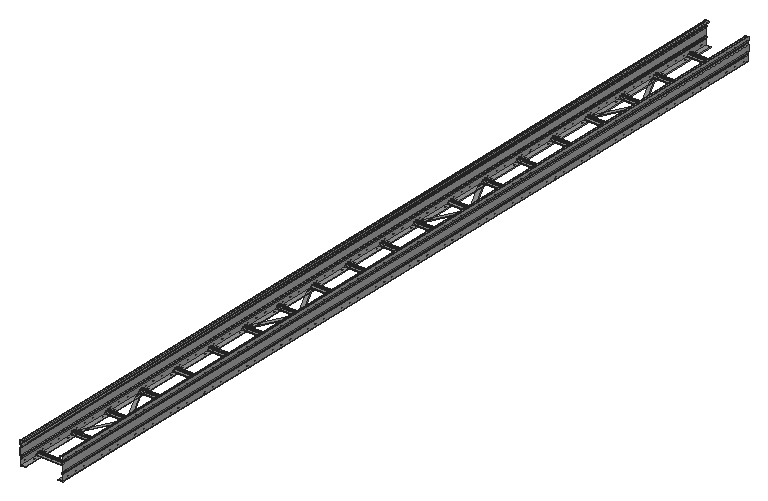
Revit family "W1630 FS, FT, FT SO, A4.28.08", category Generic Models, Revit 2017 (continued)
Forms (mm)
  Extrusion 74, void
    sketch origin (0, 2625, 0) x (0, 1, 0) y (0, 0, 1)
      loop
        arc (25.5, 144.5) -> (25.146, 144.354) -> (25, 144) r 0.5
        line (25, 144) -> (25, 136)
        arc (25, 136) -> (25.146, 135.646) -> (25.5, 135.5) r 0.5
        line (25.5, 135.5) -> (49.5, 135.5)
        arc (49.5, 135.5) -> (49.854, 135.646) -> (50, 136) r 0.5
        line (50, 136) -> (50, 144)
        arc (50, 144) -> (49.854, 144.354) -> (49.5, 144.5) r 0.5
        line (49.5, 144.5) -> (25.5, 144.5)
    from 148 to 150
  Extrusion 75, void
    sketch origin (0, 2700, 0) x (0, 1, 0) y (0, 0, 1)
      loop
        arc (25.5, 24.5) -> (25.146, 24.354) -> (25, 24) r 0.5
        line (25, 24) -> (25, 16)
        arc (25, 16) -> (25.146, 15.646) -> (25.5, 15.5) r 0.5
        line (25.5, 15.5) -> (49.5, 15.5)
        arc (49.5, 15.5) -> (49.854, 15.646) -> (50, 16) r 0.5
        line (50, 16) -> (50, 24)
        arc (50, 24) -> (49.854, 24.354) -> (49.5, 24.5) r 0.5
        line (49.5, 24.5) -> (25.5, 24.5)
    from 146.514 to 148.514
  Extrusion 76, void
    sketch origin (0, 2700, 0) x (0, 1, 0) y (0, 0, 1)
      loop
        arc (25.5, 144.5) -> (25.146, 144.354) -> (25, 144) r 0.5
        line (25, 144) -> (25, 136)
        arc (25, 136) -> (25.146, 135.646) -> (25.5, 135.5) r 0.5
        line (25.5, 135.5) -> (49.5, 135.5)
        arc (49.5, 135.5) -> (49.854, 135.646) -> (50, 136) r 0.5
        line (50, 136) -> (50, 144)
        arc (50, 144) -> (49.854, 144.354) -> (49.5, 144.5) r 0.5
        line (49.5, 144.5) -> (25.5, 144.5)
    from 148 to 150
  Extrusion 77, void
    sketch origin (0, 2775, 0) x (0, 1, 0) y (0, 0, 1)
      loop
        arc (25.5, 24.5) -> (25.146, 24.354) -> (25, 24) r 0.5
        line (25, 24) -> (25, 16)
        arc (25, 16) -> (25.146, 15.646) -> (25.5, 15.5) r 0.5
        line (25.5, 15.5) -> (49.5, 15.5)
        arc (49.5, 15.5) -> (49.854, 15.646) -> (50, 16) r 0.5
        line (50, 16) -> (50, 24)
        arc (50, 24) -> (49.854, 24.354) -> (49.5, 24.5) r 0.5
        line (49.5, 24.5) -> (25.5, 24.5)
    from 146.514 to 148.514
  Extrusion 78, void
    sketch origin (0, 2775, 0) x (0, 1, 0) y (0, 0, 1)
      loop
        arc (25.5, 144.5) -> (25.146, 144.354) -> (25, 144) r 0.5
        line (25, 144) -> (25, 136)
        arc (25, 136) -> (25.146, 135.646) -> (25.5, 135.5) r 0.5
        line (25.5, 135.5) -> (49.5, 135.5)
        arc (49.5, 135.5) -> (49.854, 135.646) -> (50, 136) r 0.5
        line (50, 136) -> (50, 144)
        arc (50, 144) -> (49.854, 144.354) -> (49.5, 144.5) r 0.5
        line (49.5, 144.5) -> (25.5, 144.5)
    from 148 to 150
  Extrusion 79, void
    sketch origin (0, 2850, 0) x (0, 1, 0) y (0, 0, 1)
      loop
        arc (25.5, 24.5) -> (25.146, 24.354) -> (25, 24) r 0.5
        line (25, 24) -> (25, 16)
        arc (25, 16) -> (25.146, 15.646) -> (25.5, 15.5) r 0.5
        line (25.5, 15.5) -> (49.5, 15.5)
        arc (49.5, 15.5) -> (49.854, 15.646) -> (50, 16) r 0.5
        line (50, 16) -> (50, 24)
        arc (50, 24) -> (49.854, 24.354) -> (49.5, 24.5) r 0.5
        line (49.5, 24.5) -> (25.5, 24.5)
    from 146.514 to 148.514
  Extrusion 80, void
    sketch origin (0, 2850, 0) x (0, 1, 0) y (0, 0, 1)
      loop
        arc (25.5, 144.5) -> (25.146, 144.354) -> (25, 144) r 0.5
        line (25, 144) -> (25, 136)
        arc (25, 136) -> (25.146, 135.646) -> (25.5, 135.5) r 0.5
        line (25.5, 135.5) -> (49.5, 135.5)
        arc (49.5, 135.5) -> (49.854, 135.646) -> (50, 136) r 0.5
        line (50, 136) -> (50, 144)
        arc (50, 144) -> (49.854, 144.354) -> (49.5, 144.5) r 0.5
        line (49.5, 144.5) -> (25.5, 144.5)
    from 148 to 150
  Extrusion 81, void
    sketch origin (0, 2925, 0) x (0, 1, 0) y (0, 0, 1)
      loop
        arc (25.5, 24.5) -> (25.146, 24.354) -> (25, 24) r 0.5
        line (25, 24) -> (25, 16)
        arc (25, 16) -> (25.146, 15.646) -> (25.5, 15.5) r 0.5
        line (25.5, 15.5) -> (49.5, 15.5)
        arc (49.5, 15.5) -> (49.854, 15.646) -> (50, 16) r 0.5
        line (50, 16) -> (50, 24)
        arc (50, 24) -> (49.854, 24.354) -> (49.5, 24.5) r 0.5
        line (49.5, 24.5) -> (25.5, 24.5)
    from 146.514 to 148.514
  Extrusion 82, void
    sketch origin (0, 2925, 0) x (0, 1, 0) y (0, 0, 1)
      loop
        arc (25.5, 144.5) -> (25.146, 144.354) -> (25, 144) r 0.5
        line (25, 144) -> (25, 136)
        arc (25, 136) -> (25.146, 135.646) -> (25.5, 135.5) r 0.5
        line (25.5, 135.5) -> (49.5, 135.5)
        arc (49.5, 135.5) -> (49.854, 135.646) -> (50, 136) r 0.5
        line (50, 136) -> (50, 144)
        arc (50, 144) -> (49.854, 144.354) -> (49.5, 144.5) r 0.5
        line (49.5, 144.5) -> (25.5, 144.5)
    from 148 to 150
  Extrusion 83, void
    sketch origin (0, 3000, 0) x (0, 1, 0) y (0, 0, 1)
      loop
        arc (25.5, 24.5) -> (25.146, 24.354) -> (25, 24) r 0.5
        line (25, 24) -> (25, 16)
        arc (25, 16) -> (25.146, 15.646) -> (25.5, 15.5) r 0.5
        line (25.5, 15.5) -> (49.5, 15.5)
        arc (49.5, 15.5) -> (49.854, 15.646) -> (50, 16) r 0.5
        line (50, 16) -> (50, 24)
        arc (50, 24) -> (49.854, 24.354) -> (49.5, 24.5) r 0.5
        line (49.5, 24.5) -> (25.5, 24.5)
    from 146.514 to 148.514
  Extrusion 84, void
    sketch origin (0, 3000, 0) x (0, 1, 0) y (0, 0, 1)
      loop
        arc (25.5, 144.5) -> (25.146, 144.354) -> (25, 144) r 0.5
        line (25, 144) -> (25, 136)
        arc (25, 136) -> (25.146, 135.646) -> (25.5, 135.5) r 0.5
        line (25.5, 135.5) -> (49.5, 135.5)
        arc (49.5, 135.5) -> (49.854, 135.646) -> (50, 136) r 0.5
        line (50, 136) -> (50, 144)
        arc (50, 144) -> (49.854, 144.354) -> (49.5, 144.5) r 0.5
        line (49.5, 144.5) -> (25.5, 144.5)
    from 148 to 150
  Extrusion 85, void
    sketch origin (0, 3075, 0) x (0, 1, 0) y (0, 0, 1)
      loop
        arc (25.5, 24.5) -> (25.146, 24.354) -> (25, 24) r 0.5
        line (25, 24) -> (25, 16)
        arc (25, 16) -> (25.146, 15.646) -> (25.5, 15.5) r 0.5
        line (25.5, 15.5) -> (49.5, 15.5)
        arc (49.5, 15.5) -> (49.854, 15.646) -> (50, 16) r 0.5
        line (50, 16) -> (50, 24)
        arc (50, 24) -> (49.854, 24.354) -> (49.5, 24.5) r 0.5
        line (49.5, 24.5) -> (25.5, 24.5)
    from 146.514 to 148.514
  Extrusion 86, void
    sketch origin (0, 3075, 0) x (0, 1, 0) y (0, 0, 1)
      loop
        arc (25.5, 144.5) -> (25.146, 144.354) -> (25, 144) r 0.5
        line (25, 144) -> (25, 136)
        arc (25, 136) -> (25.146, 135.646) -> (25.5, 135.5) r 0.5
        line (25.5, 135.5) -> (49.5, 135.5)
        arc (49.5, 135.5) -> (49.854, 135.646) -> (50, 136) r 0.5
        line (50, 136) -> (50, 144)
        arc (50, 144) -> (49.854, 144.354) -> (49.5, 144.5) r 0.5
        line (49.5, 144.5) -> (25.5, 144.5)
    from 148 to 150
  Extrusion 87, void
    sketch origin (0, 3150, 0) x (0, 1, 0) y (0, 0, 1)
      loop
        arc (25.5, 24.5) -> (25.146, 24.354) -> (25, 24) r 0.5
        line (25, 24) -> (25, 16)
        arc (25, 16) -> (25.146, 15.646) -> (25.5, 15.5) r 0.5
        line (25.5, 15.5) -> (49.5, 15.5)
        arc (49.5, 15.5) -> (49.854, 15.646) -> (50, 16) r 0.5
        line (50, 16) -> (50, 24)
        arc (50, 24) -> (49.854, 24.354) -> (49.5, 24.5) r 0.5
        line (49.5, 24.5) -> (25.5, 24.5)
    from 146.514 to 148.514
  Extrusion 88, void
    sketch origin (0, 3150, 0) x (0, 1, 0) y (0, 0, 1)
      loop
        arc (25.5, 144.5) -> (25.146, 144.354) -> (25, 144) r 0.5
        line (25, 144) -> (25, 136)
        arc (25, 136) -> (25.146, 135.646) -> (25.5, 135.5) r 0.5
        line (25.5, 135.5) -> (49.5, 135.5)
        arc (49.5, 135.5) -> (49.854, 135.646) -> (50, 136) r 0.5
        line (50, 136) -> (50, 144)
        arc (50, 144) -> (49.854, 144.354) -> (49.5, 144.5) r 0.5
        line (49.5, 144.5) -> (25.5, 144.5)
    from 148 to 150
  Extrusion 89, void
    sketch origin (0, 3225, 0) x (0, 1, 0) y (0, 0, 1)
      loop
        arc (25.5, 24.5) -> (25.146, 24.354) -> (25, 24) r 0.5
        line (25, 24) -> (25, 16)
        arc (25, 16) -> (25.146, 15.646) -> (25.5, 15.5) r 0.5
        line (25.5, 15.5) -> (49.5, 15.5)
        arc (49.5, 15.5) -> (49.854, 15.646) -> (50, 16) r 0.5
        line (50, 16) -> (50, 24)
        arc (50, 24) -> (49.854, 24.354) -> (49.5, 24.5) r 0.5
        line (49.5, 24.5) -> (25.5, 24.5)
    from 146.514 to 148.514
  Extrusion 90, void
    sketch origin (0, 3225, 0) x (0, 1, 0) y (0, 0, 1)
      loop
        arc (25.5, 144.5) -> (25.146, 144.354) -> (25, 144) r 0.5
        line (25, 144) -> (25, 136)
        arc (25, 136) -> (25.146, 135.646) -> (25.5, 135.5) r 0.5
        line (25.5, 135.5) -> (49.5, 135.5)
        arc (49.5, 135.5) -> (49.854, 135.646) -> (50, 136) r 0.5
        line (50, 136) -> (50, 144)
        arc (50, 144) -> (49.854, 144.354) -> (49.5, 144.5) r 0.5
        line (49.5, 144.5) -> (25.5, 144.5)
    from 148 to 150
  Extrusion 91, void
    sketch origin (0, 3300, 0) x (0, 1, 0) y (0, 0, 1)
      loop
        arc (25.5, 24.5) -> (25.146, 24.354) -> (25, 24) r 0.5
        line (25, 24) -> (25, 16)
        arc (25, 16) -> (25.146, 15.646) -> (25.5, 15.5) r 0.5
        line (25.5, 15.5) -> (49.5, 15.5)
        arc (49.5, 15.5) -> (49.854, 15.646) -> (50, 16) r 0.5
        line (50, 16) -> (50, 24)
        arc (50, 24) -> (49.854, 24.354) -> (49.5, 24.5) r 0.5
        line (49.5, 24.5) -> (25.5, 24.5)
    from 146.514 to 148.514
  Extrusion 92, void
    sketch origin (0, 3300, 0) x (0, 1, 0) y (0, 0, 1)
      loop
        arc (25.5, 144.5) -> (25.146, 144.354) -> (25, 144) r 0.5
        line (25, 144) -> (25, 136)
        arc (25, 136) -> (25.146, 135.646) -> (25.5, 135.5) r 0.5
        line (25.5, 135.5) -> (49.5, 135.5)
        arc (49.5, 135.5) -> (49.854, 135.646) -> (50, 136) r 0.5
        line (50, 136) -> (50, 144)
        arc (50, 144) -> (49.854, 144.354) -> (49.5, 144.5) r 0.5
        line (49.5, 144.5) -> (25.5, 144.5)
    from 148 to 150
  Extrusion 93, void
    sketch origin (0, 3375, 0) x (0, 1, 0) y (0, 0, 1)
      loop
        arc (25.5, 24.5) -> (25.146, 24.354) -> (25, 24) r 0.5
        line (25, 24) -> (25, 16)
        arc (25, 16) -> (25.146, 15.646) -> (25.5, 15.5) r 0.5
        line (25.5, 15.5) -> (49.5, 15.5)
        arc (49.5, 15.5) -> (49.854, 15.646) -> (50, 16) r 0.5
        line (50, 16) -> (50, 24)
        arc (50, 24) -> (49.854, 24.354) -> (49.5, 24.5) r 0.5
        line (49.5, 24.5) -> (25.5, 24.5)
    from 146.514 to 148.514
  Extrusion 94, void
    sketch origin (0, 3375, 0) x (0, 1, 0) y (0, 0, 1)
      loop
        arc (25.5, 144.5) -> (25.146, 144.354) -> (25, 144) r 0.5
        line (25, 144) -> (25, 136)
        arc (25, 136) -> (25.146, 135.646) -> (25.5, 135.5) r 0.5
        line (25.5, 135.5) -> (49.5, 135.5)
        arc (49.5, 135.5) -> (49.854, 135.646) -> (50, 136) r 0.5
        line (50, 136) -> (50, 144)
        arc (50, 144) -> (49.854, 144.354) -> (49.5, 144.5) r 0.5
        line (49.5, 144.5) -> (25.5, 144.5)
    from 148 to 150
  Extrusion 95, void
    sketch origin (0, 3450, 0) x (0, 1, 0) y (0, 0, 1)
      loop
        arc (25.5, 24.5) -> (25.146, 24.354) -> (25, 24) r 0.5
        line (25, 24) -> (25, 16)
        arc (25, 16) -> (25.146, 15.646) -> (25.5, 15.5) r 0.5
        line (25.5, 15.5) -> (49.5, 15.5)
        arc (49.5, 15.5) -> (49.854, 15.646) -> (50, 16) r 0.5
        line (50, 16) -> (50, 24)
        arc (50, 24) -> (49.854, 24.354) -> (49.5, 24.5) r 0.5
        line (49.5, 24.5) -> (25.5, 24.5)
    from 146.514 to 148.514
  Extrusion 96, void
    sketch origin (0, 3450, 0) x (0, 1, 0) y (0, 0, 1)
      loop
        arc (25.5, 144.5) -> (25.146, 144.354) -> (25, 144) r 0.5
        line (25, 144) -> (25, 136)
        arc (25, 136) -> (25.146, 135.646) -> (25.5, 135.5) r 0.5
        line (25.5, 135.5) -> (49.5, 135.5)
        arc (49.5, 135.5) -> (49.854, 135.646) -> (50, 136) r 0.5
        line (50, 136) -> (50, 144)
        arc (50, 144) -> (49.854, 144.354) -> (49.5, 144.5) r 0.5
        line (49.5, 144.5) -> (25.5, 144.5)
    from 148 to 150
  Extrusion 97, void
    sketch origin (0, 3525, 0) x (0, 1, 0) y (0, 0, 1)
      loop
        arc (25.5, 24.5) -> (25.146, 24.354) -> (25, 24) r 0.5
        line (25, 24) -> (25, 16)
        arc (25, 16) -> (25.146, 15.646) -> (25.5, 15.5) r 0.5
        line (25.5, 15.5) -> (49.5, 15.5)
        arc (49.5, 15.5) -> (49.854, 15.646) -> (50, 16) r 0.5
        line (50, 16) -> (50, 24)
        arc (50, 24) -> (49.854, 24.354) -> (49.5, 24.5) r 0.5
        line (49.5, 24.5) -> (25.5, 24.5)
    from 146.514 to 148.514
  Extrusion 98, void
    sketch origin (0, 3525, 0) x (0, 1, 0) y (0, 0, 1)
      loop
        arc (25.5, 144.5) -> (25.146, 144.354) -> (25, 144) r 0.5
        line (25, 144) -> (25, 136)
        arc (25, 136) -> (25.146, 135.646) -> (25.5, 135.5) r 0.5
        line (25.5, 135.5) -> (49.5, 135.5)
        arc (49.5, 135.5) -> (49.854, 135.646) -> (50, 136) r 0.5
        line (50, 136) -> (50, 144)
        arc (50, 144) -> (49.854, 144.354) -> (49.5, 144.5) r 0.5
        line (49.5, 144.5) -> (25.5, 144.5)
    from 148 to 150
  Extrusion 99, void
    sketch origin (0, 3600, 0) x (0, 1, 0) y (0, 0, 1)
      loop
        arc (25.5, 24.5) -> (25.146, 24.354) -> (25, 24) r 0.5
        line (25, 24) -> (25, 16)
        arc (25, 16) -> (25.146, 15.646) -> (25.5, 15.5) r 0.5
        line (25.5, 15.5) -> (49.5, 15.5)
        arc (49.5, 15.5) -> (49.854, 15.646) -> (50, 16) r 0.5
        line (50, 16) -> (50, 24)
        arc (50, 24) -> (49.854, 24.354) -> (49.5, 24.5) r 0.5
        line (49.5, 24.5) -> (25.5, 24.5)
    from 146.514 to 148.514
  Extrusion 100, void
    sketch origin (0, 3600, 0) x (0, 1, 0) y (0, 0, 1)
      loop
        arc (25.5, 144.5) -> (25.146, 144.354) -> (25, 144) r 0.5
        line (25, 144) -> (25, 136)
        arc (25, 136) -> (25.146, 135.646) -> (25.5, 135.5) r 0.5
        line (25.5, 135.5) -> (49.5, 135.5)
        arc (49.5, 135.5) -> (49.854, 135.646) -> (50, 136) r 0.5
        line (50, 136) -> (50, 144)
        arc (50, 144) -> (49.854, 144.354) -> (49.5, 144.5) r 0.5
        line (49.5, 144.5) -> (25.5, 144.5)
    from 148 to 150
  Extrusion 101, void
    sketch origin (0, 3675, 0) x (0, 1, 0) y (0, 0, 1)
      loop
        arc (25.5, 24.5) -> (25.146, 24.354) -> (25, 24) r 0.5
        line (25, 24) -> (25, 16)
        arc (25, 16) -> (25.146, 15.646) -> (25.5, 15.5) r 0.5
        line (25.5, 15.5) -> (49.5, 15.5)
        arc (49.5, 15.5) -> (49.854, 15.646) -> (50, 16) r 0.5
        line (50, 16) -> (50, 24)
        arc (50, 24) -> (49.854, 24.354) -> (49.5, 24.5) r 0.5
        line (49.5, 24.5) -> (25.5, 24.5)
    from 146.514 to 148.514
  Extrusion 102, void
    sketch origin (0, 3675, 0) x (0, 1, 0) y (0, 0, 1)
      loop
        arc (25.5, 144.5) -> (25.146, 144.354) -> (25, 144) r 0.5
        line (25, 144) -> (25, 136)
        arc (25, 136) -> (25.146, 135.646) -> (25.5, 135.5) r 0.5
        line (25.5, 135.5) -> (49.5, 135.5)
        arc (49.5, 135.5) -> (49.854, 135.646) -> (50, 136) r 0.5
        line (50, 136) -> (50, 144)
        arc (50, 144) -> (49.854, 144.354) -> (49.5, 144.5) r 0.5
        line (49.5, 144.5) -> (25.5, 144.5)
    from 148 to 150
  Extrusion 103, void
    sketch origin (0, 3750, 0) x (0, 1, 0) y (0, 0, 1)
      loop
        arc (25.5, 24.5) -> (25.146, 24.354) -> (25, 24) r 0.5
        line (25, 24) -> (25, 16)
        arc (25, 16) -> (25.146, 15.646) -> (25.5, 15.5) r 0.5
        line (25.5, 15.5) -> (49.5, 15.5)
        arc (49.5, 15.5) -> (49.854, 15.646) -> (50, 16) r 0.5
        line (50, 16) -> (50, 24)
        arc (50, 24) -> (49.854, 24.354) -> (49.5, 24.5) r 0.5
        line (49.5, 24.5) -> (25.5, 24.5)
    from 146.514 to 148.514
  Extrusion 104, void
    sketch origin (0, 3750, 0) x (0, 1, 0) y (0, 0, 1)
      loop
        arc (25.5, 144.5) -> (25.146, 144.354) -> (25, 144) r 0.5
        line (25, 144) -> (25, 136)
        arc (25, 136) -> (25.146, 135.646) -> (25.5, 135.5) r 0.5
        line (25.5, 135.5) -> (49.5, 135.5)
        arc (49.5, 135.5) -> (49.854, 135.646) -> (50, 136) r 0.5
        line (50, 136) -> (50, 144)
        arc (50, 144) -> (49.854, 144.354) -> (49.5, 144.5) r 0.5
        line (49.5, 144.5) -> (25.5, 144.5)
    from 148 to 150
  Extrusion 105, void
    sketch origin (0, 3825, 0) x (0, 1, 0) y (0, 0, 1)
      loop
        arc (25.5, 24.5) -> (25.146, 24.354) -> (25, 24) r 0.5
        line (25, 24) -> (25, 16)
        arc (25, 16) -> (25.146, 15.646) -> (25.5, 15.5) r 0.5
        line (25.5, 15.5) -> (49.5, 15.5)
        arc (49.5, 15.5) -> (49.854, 15.646) -> (50, 16) r 0.5
        line (50, 16) -> (50, 24)
        arc (50, 24) -> (49.854, 24.354) -> (49.5, 24.5) r 0.5
        line (49.5, 24.5) -> (25.5, 24.5)
    from 146.514 to 148.514
  Extrusion 106, void
    sketch origin (0, 3825, 0) x (0, 1, 0) y (0, 0, 1)
      loop
        arc (25.5, 144.5) -> (25.146, 144.354) -> (25, 144) r 0.5
        line (25, 144) -> (25, 136)
        arc (25, 136) -> (25.146, 135.646) -> (25.5, 135.5) r 0.5
        line (25.5, 135.5) -> (49.5, 135.5)
        arc (49.5, 135.5) -> (49.854, 135.646) -> (50, 136) r 0.5
        line (50, 136) -> (50, 144)
        arc (50, 144) -> (49.854, 144.354) -> (49.5, 144.5) r 0.5
        line (49.5, 144.5) -> (25.5, 144.5)
    from 148 to 150
  Extrusion 107, void
    sketch origin (0, 3900, 0) x (0, 1, 0) y (0, 0, 1)
      loop
        arc (25.5, 24.5) -> (25.146, 24.354) -> (25, 24) r 0.5
        line (25, 24) -> (25, 16)
        arc (25, 16) -> (25.146, 15.646) -> (25.5, 15.5) r 0.5
        line (25.5, 15.5) -> (49.5, 15.5)
        arc (49.5, 15.5) -> (49.854, 15.646) -> (50, 16) r 0.5
        line (50, 16) -> (50, 24)
        arc (50, 24) -> (49.854, 24.354) -> (49.5, 24.5) r 0.5
        line (49.5, 24.5) -> (25.5, 24.5)
    from 146.514 to 148.514
  Extrusion 108, void
    sketch origin (0, 3900, 0) x (0, 1, 0) y (0, 0, 1)
      loop
        arc (25.5, 144.5) -> (25.146, 144.354) -> (25, 144) r 0.5
        line (25, 144) -> (25, 136)
        arc (25, 136) -> (25.146, 135.646) -> (25.5, 135.5) r 0.5
        line (25.5, 135.5) -> (49.5, 135.5)
        arc (49.5, 135.5) -> (49.854, 135.646) -> (50, 136) r 0.5
        line (50, 136) -> (50, 144)
        arc (50, 144) -> (49.854, 144.354) -> (49.5, 144.5) r 0.5
        line (49.5, 144.5) -> (25.5, 144.5)
    from 148 to 150
  Extrusion 109, void
    sketch origin (0, 3975, 0) x (0, 1, 0) y (0, 0, 1)
      loop
        arc (25.5, 24.5) -> (25.146, 24.354) -> (25, 24) r 0.5
        line (25, 24) -> (25, 16)
        arc (25, 16) -> (25.146, 15.646) -> (25.5, 15.5) r 0.5
        line (25.5, 15.5) -> (49.5, 15.5)
        arc (49.5, 15.5) -> (49.854, 15.646) -> (50, 16) r 0.5
        line (50, 16) -> (50, 24)
        arc (50, 24) -> (49.854, 24.354) -> (49.5, 24.5) r 0.5
        line (49.5, 24.5) -> (25.5, 24.5)
    from 146.514 to 148.514
  Extrusion 110, void
    sketch origin (0, 3975, 0) x (0, 1, 0) y (0, 0, 1)
      loop
        arc (25.5, 144.5) -> (25.146, 144.354) -> (25, 144) r 0.5
        line (25, 144) -> (25, 136)
        arc (25, 136) -> (25.146, 135.646) -> (25.5, 135.5) r 0.5
        line (25.5, 135.5) -> (49.5, 135.5)
        arc (49.5, 135.5) -> (49.854, 135.646) -> (50, 136) r 0.5
        line (50, 136) -> (50, 144)
        arc (50, 144) -> (49.854, 144.354) -> (49.5, 144.5) r 0.5
        line (49.5, 144.5) -> (25.5, 144.5)
    from 148 to 150
  Extrusion 111, void
    sketch origin (0, 4050, 0) x (0, 1, 0) y (0, 0, 1)
      loop
        arc (25.5, 24.5) -> (25.146, 24.354) -> (25, 24) r 0.5
        line (25, 24) -> (25, 16)
        arc (25, 16) -> (25.146, 15.646) -> (25.5, 15.5) r 0.5
        line (25.5, 15.5) -> (49.5, 15.5)
        arc (49.5, 15.5) -> (49.854, 15.646) -> (50, 16) r 0.5
        line (50, 16) -> (50, 24)
        arc (50, 24) -> (49.854, 24.354) -> (49.5, 24.5) r 0.5
        line (49.5, 24.5) -> (25.5, 24.5)
    from 146.514 to 148.514
  Extrusion 112, void
    sketch origin (0, 4050, 0) x (0, 1, 0) y (0, 0, 1)
      loop
        arc (25.5, 144.5) -> (25.146, 144.354) -> (25, 144) r 0.5
        line (25, 144) -> (25, 136)
        arc (25, 136) -> (25.146, 135.646) -> (25.5, 135.5) r 0.5
        line (25.5, 135.5) -> (49.5, 135.5)
        arc (49.5, 135.5) -> (49.854, 135.646) -> (50, 136) r 0.5
        line (50, 136) -> (50, 144)
        arc (50, 144) -> (49.854, 144.354) -> (49.5, 144.5) r 0.5
        line (49.5, 144.5) -> (25.5, 144.5)
    from 148 to 150
  Extrusion 113, void
    sketch origin (0, 4125, 0) x (0, 1, 0) y (0, 0, 1)
      loop
        arc (25.5, 24.5) -> (25.146, 24.354) -> (25, 24) r 0.5
        line (25, 24) -> (25, 16)
        arc (25, 16) -> (25.146, 15.646) -> (25.5, 15.5) r 0.5
        line (25.5, 15.5) -> (49.5, 15.5)
        arc (49.5, 15.5) -> (49.854, 15.646) -> (50, 16) r 0.5
        line (50, 16) -> (50, 24)
        arc (50, 24) -> (49.854, 24.354) -> (49.5, 24.5) r 0.5
        line (49.5, 24.5) -> (25.5, 24.5)
    from 146.514 to 148.514
  Extrusion 114, void
    sketch origin (0, 4125, 0) x (0, 1, 0) y (0, 0, 1)
      loop
        arc (25.5, 144.5) -> (25.146, 144.354) -> (25, 144) r 0.5
        line (25, 144) -> (25, 136)
        arc (25, 136) -> (25.146, 135.646) -> (25.5, 135.5) r 0.5
        line (25.5, 135.5) -> (49.5, 135.5)
        arc (49.5, 135.5) -> (49.854, 135.646) -> (50, 136) r 0.5
        line (50, 136) -> (50, 144)
        arc (50, 144) -> (49.854, 144.354) -> (49.5, 144.5) r 0.5
        line (49.5, 144.5) -> (25.5, 144.5)
    from 148 to 150
  Extrusion 115, void
    sketch origin (0, 4200, 0) x (0, 1, 0) y (0, 0, 1)
      loop
        arc (25.5, 24.5) -> (25.146, 24.354) -> (25, 24) r 0.5
        line (25, 24) -> (25, 16)
        arc (25, 16) -> (25.146, 15.646) -> (25.5, 15.5) r 0.5
        line (25.5, 15.5) -> (49.5, 15.5)
        arc (49.5, 15.5) -> (49.854, 15.646) -> (50, 16) r 0.5
        line (50, 16) -> (50, 24)
        arc (50, 24) -> (49.854, 24.354) -> (49.5, 24.5) r 0.5
        line (49.5, 24.5) -> (25.5, 24.5)
    from 146.514 to 148.514
  Extrusion 116, void
    sketch origin (0, 4200, 0) x (0, 1, 0) y (0, 0, 1)
      loop
        arc (25.5, 144.5) -> (25.146, 144.354) -> (25, 144) r 0.5
        line (25, 144) -> (25, 136)
        arc (25, 136) -> (25.146, 135.646) -> (25.5, 135.5) r 0.5
        line (25.5, 135.5) -> (49.5, 135.5)
        arc (49.5, 135.5) -> (49.854, 135.646) -> (50, 136) r 0.5
        line (50, 136) -> (50, 144)
        arc (50, 144) -> (49.854, 144.354) -> (49.5, 144.5) r 0.5
        line (49.5, 144.5) -> (25.5, 144.5)
    from 148 to 150
  Extrusion 117, void
    sketch origin (0, 4275, 0) x (0, 1, 0) y (0, 0, 1)
      loop
        arc (25.5, 24.5) -> (25.146, 24.354) -> (25, 24) r 0.5
        line (25, 24) -> (25, 16)
        arc (25, 16) -> (25.146, 15.646) -> (25.5, 15.5) r 0.5
        line (25.5, 15.5) -> (49.5, 15.5)
        arc (49.5, 15.5) -> (49.854, 15.646) -> (50, 16) r 0.5
        line (50, 16) -> (50, 24)
        arc (50, 24) -> (49.854, 24.354) -> (49.5, 24.5) r 0.5
        line (49.5, 24.5) -> (25.5, 24.5)
    from 146.514 to 148.514
  Extrusion 118, void
    sketch origin (0, 4275, 0) x (0, 1, 0) y (0, 0, 1)
      loop
        arc (25.5, 144.5) -> (25.146, 144.354) -> (25, 144) r 0.5
        line (25, 144) -> (25, 136)
        arc (25, 136) -> (25.146, 135.646) -> (25.5, 135.5) r 0.5
        line (25.5, 135.5) -> (49.5, 135.5)
        arc (49.5, 135.5) -> (49.854, 135.646) -> (50, 136) r 0.5
        line (50, 136) -> (50, 144)
        arc (50, 144) -> (49.854, 144.354) -> (49.5, 144.5) r 0.5
        line (49.5, 144.5) -> (25.5, 144.5)
    from 148 to 150
  Extrusion 119, void
    sketch origin (0, 4350, 0) x (0, 1, 0) y (0, 0, 1)
      loop
        arc (25.5, 24.5) -> (25.146, 24.354) -> (25, 24) r 0.5
        line (25, 24) -> (25, 16)
        arc (25, 16) -> (25.146, 15.646) -> (25.5, 15.5) r 0.5
        line (25.5, 15.5) -> (49.5, 15.5)
        arc (49.5, 15.5) -> (49.854, 15.646) -> (50, 16) r 0.5
        line (50, 16) -> (50, 24)
        arc (50, 24) -> (49.854, 24.354) -> (49.5, 24.5) r 0.5
        line (49.5, 24.5) -> (25.5, 24.5)
    from 146.514 to 148.514
  Extrusion 120, void
    sketch origin (0, 4350, 0) x (0, 1, 0) y (0, 0, 1)
      loop
        arc (25.5, 144.5) -> (25.146, 144.354) -> (25, 144) r 0.5
        line (25, 144) -> (25, 136)
        arc (25, 136) -> (25.146, 135.646) -> (25.5, 135.5) r 0.5
        line (25.5, 135.5) -> (49.5, 135.5)
        arc (49.5, 135.5) -> (49.854, 135.646) -> (50, 136) r 0.5
        line (50, 136) -> (50, 144)
        arc (50, 144) -> (49.854, 144.354) -> (49.5, 144.5) r 0.5
        line (49.5, 144.5) -> (25.5, 144.5)
    from 148 to 150
  Extrusion 121, void
    sketch origin (0, 4425, 0) x (0, 1, 0) y (0, 0, 1)
      loop
        arc (25.5, 24.5) -> (25.146, 24.354) -> (25, 24) r 0.5
        line (25, 24) -> (25, 16)
        arc (25, 16) -> (25.146, 15.646) -> (25.5, 15.5) r 0.5
        line (25.5, 15.5) -> (49.5, 15.5)
        arc (49.5, 15.5) -> (49.854, 15.646) -> (50, 16) r 0.5
        line (50, 16) -> (50, 24)
        arc (50, 24) -> (49.854, 24.354) -> (49.5, 24.5) r 0.5
        line (49.5, 24.5) -> (25.5, 24.5)
    from 146.514 to 148.514
  Extrusion 122, void
    sketch origin (0, 4425, 0) x (0, 1, 0) y (0, 0, 1)
      loop
        arc (25.5, 144.5) -> (25.146, 144.354) -> (25, 144) r 0.5
        line (25, 144) -> (25, 136)
        arc (25, 136) -> (25.146, 135.646) -> (25.5, 135.5) r 0.5
        line (25.5, 135.5) -> (49.5, 135.5)
        arc (49.5, 135.5) -> (49.854, 135.646) -> (50, 136) r 0.5
        line (50, 136) -> (50, 144)
        arc (50, 144) -> (49.854, 144.354) -> (49.5, 144.5) r 0.5
        line (49.5, 144.5) -> (25.5, 144.5)
    from 148 to 150
  Extrusion 123, void
    sketch origin (0, 4500, 0) x (0, 1, 0) y (0, 0, 1)
      loop
        arc (25.5, 24.5) -> (25.146, 24.354) -> (25, 24) r 0.5
        line (25, 24) -> (25, 16)
        arc (25, 16) -> (25.146, 15.646) -> (25.5, 15.5) r 0.5
        line (25.5, 15.5) -> (49.5, 15.5)
        arc (49.5, 15.5) -> (49.854, 15.646) -> (50, 16) r 0.5
        line (50, 16) -> (50, 24)
        arc (50, 24) -> (49.854, 24.354) -> (49.5, 24.5) r 0.5
        line (49.5, 24.5) -> (25.5, 24.5)
    from 146.514 to 148.514
  Extrusion 124, void
    sketch origin (0, 4500, 0) x (0, 1, 0) y (0, 0, 1)
      loop
        arc (25.5, 144.5) -> (25.146, 144.354) -> (25, 144) r 0.5
        line (25, 144) -> (25, 136)
        arc (25, 136) -> (25.146, 135.646) -> (25.5, 135.5) r 0.5
        line (25.5, 135.5) -> (49.5, 135.5)
        arc (49.5, 135.5) -> (49.854, 135.646) -> (50, 136) r 0.5
        line (50, 136) -> (50, 144)
        arc (50, 144) -> (49.854, 144.354) -> (49.5, 144.5) r 0.5
        line (49.5, 144.5) -> (25.5, 144.5)
    from 148 to 150
  Extrusion 125, void
    sketch origin (0, 4575, 0) x (0, 1, 0) y (0, 0, 1)
      loop
        arc (25.5, 24.5) -> (25.146, 24.354) -> (25, 24) r 0.5
        line (25, 24) -> (25, 16)
        arc (25, 16) -> (25.146, 15.646) -> (25.5, 15.5) r 0.5
        line (25.5, 15.5) -> (49.5, 15.5)
        arc (49.5, 15.5) -> (49.854, 15.646) -> (50, 16) r 0.5
        line (50, 16) -> (50, 24)
        arc (50, 24) -> (49.854, 24.354) -> (49.5, 24.5) r 0.5
        line (49.5, 24.5) -> (25.5, 24.5)
    from 146.514 to 148.514
  Extrusion 126, void
    sketch origin (0, 4575, 0) x (0, 1, 0) y (0, 0, 1)
      loop
        arc (25.5, 144.5) -> (25.146, 144.354) -> (25, 144) r 0.5
        line (25, 144) -> (25, 136)
        arc (25, 136) -> (25.146, 135.646) -> (25.5, 135.5) r 0.5
        line (25.5, 135.5) -> (49.5, 135.5)
        arc (49.5, 135.5) -> (49.854, 135.646) -> (50, 136) r 0.5
        line (50, 136) -> (50, 144)
        arc (50, 144) -> (49.854, 144.354) -> (49.5, 144.5) r 0.5
        line (49.5, 144.5) -> (25.5, 144.5)
    from 148 to 150
  Extrusion 127, void
    sketch origin (0, 4650, 0) x (0, 1, 0) y (0, 0, 1)
      loop
        arc (25.5, 24.5) -> (25.146, 24.354) -> (25, 24) r 0.5
        line (25, 24) -> (25, 16)
        arc (25, 16) -> (25.146, 15.646) -> (25.5, 15.5) r 0.5
        line (25.5, 15.5) -> (49.5, 15.5)
        arc (49.5, 15.5) -> (49.854, 15.646) -> (50, 16) r 0.5
        line (50, 16) -> (50, 24)
        arc (50, 24) -> (49.854, 24.354) -> (49.5, 24.5) r 0.5
        line (49.5, 24.5) -> (25.5, 24.5)
    from 146.514 to 148.514
  Extrusion 128, void
    sketch origin (0, 4650, 0) x (0, 1, 0) y (0, 0, 1)
      loop
        arc (25.5, 144.5) -> (25.146, 144.354) -> (25, 144) r 0.5
        line (25, 144) -> (25, 136)
        arc (25, 136) -> (25.146, 135.646) -> (25.5, 135.5) r 0.5
        line (25.5, 135.5) -> (49.5, 135.5)
        arc (49.5, 135.5) -> (49.854, 135.646) -> (50, 136) r 0.5
        line (50, 136) -> (50, 144)
        arc (50, 144) -> (49.854, 144.354) -> (49.5, 144.5) r 0.5
        line (49.5, 144.5) -> (25.5, 144.5)
    from 148 to 150
  Extrusion 129, void
    sketch origin (0, 4725, 0) x (0, 1, 0) y (0, 0, 1)
      loop
        arc (25.5, 24.5) -> (25.146, 24.354) -> (25, 24) r 0.5
        line (25, 24) -> (25, 16)
        arc (25, 16) -> (25.146, 15.646) -> (25.5, 15.5) r 0.5
        line (25.5, 15.5) -> (49.5, 15.5)
        arc (49.5, 15.5) -> (49.854, 15.646) -> (50, 16) r 0.5
        line (50, 16) -> (50, 24)
        arc (50, 24) -> (49.854, 24.354) -> (49.5, 24.5) r 0.5
        line (49.5, 24.5) -> (25.5, 24.5)
    from 146.514 to 148.514
  Extrusion 130, void
    sketch origin (0, 4725, 0) x (0, 1, 0) y (0, 0, 1)
      loop
        arc (25.5, 144.5) -> (25.146, 144.354) -> (25, 144) r 0.5
        line (25, 144) -> (25, 136)
        arc (25, 136) -> (25.146, 135.646) -> (25.5, 135.5) r 0.5
        line (25.5, 135.5) -> (49.5, 135.5)
        arc (49.5, 135.5) -> (49.854, 135.646) -> (50, 136) r 0.5
        line (50, 136) -> (50, 144)
        arc (50, 144) -> (49.854, 144.354) -> (49.5, 144.5) r 0.5
        line (49.5, 144.5) -> (25.5, 144.5)
    from 148 to 150
  Extrusion 131, void
    sketch origin (0, 4800, 0) x (0, 1, 0) y (0, 0, 1)
      loop
        arc (25.5, 24.5) -> (25.146, 24.354) -> (25, 24) r 0.5
        line (25, 24) -> (25, 16)
        arc (25, 16) -> (25.146, 15.646) -> (25.5, 15.5) r 0.5
        line (25.5, 15.5) -> (49.5, 15.5)
        arc (49.5, 15.5) -> (49.854, 15.646) -> (50, 16) r 0.5
        line (50, 16) -> (50, 24)
        arc (50, 24) -> (49.854, 24.354) -> (49.5, 24.5) r 0.5
        line (49.5, 24.5) -> (25.5, 24.5)
    from 146.514 to 148.514
  Extrusion 132, void
    sketch origin (0, 4800, 0) x (0, 1, 0) y (0, 0, 1)
      loop
        arc (25.5, 144.5) -> (25.146, 144.354) -> (25, 144) r 0.5
        line (25, 144) -> (25, 136)
        arc (25, 136) -> (25.146, 135.646) -> (25.5, 135.5) r 0.5
        line (25.5, 135.5) -> (49.5, 135.5)
        arc (49.5, 135.5) -> (49.854, 135.646) -> (50, 136) r 0.5
        line (50, 136) -> (50, 144)
        arc (50, 144) -> (49.854, 144.354) -> (49.5, 144.5) r 0.5
        line (49.5, 144.5) -> (25.5, 144.5)
    from 148 to 150
  Extrusion 133, void
    sketch origin (0, 4875, 0) x (0, 1, 0) y (0, 0, 1)
      loop
        arc (25.5, 24.5) -> (25.146, 24.354) -> (25, 24) r 0.5
        line (25, 24) -> (25, 16)
        arc (25, 16) -> (25.146, 15.646) -> (25.5, 15.5) r 0.5
        line (25.5, 15.5) -> (49.5, 15.5)
        arc (49.5, 15.5) -> (49.854, 15.646) -> (50, 16) r 0.5
        line (50, 16) -> (50, 24)
        arc (50, 24) -> (49.854, 24.354) -> (49.5, 24.5) r 0.5
        line (49.5, 24.5) -> (25.5, 24.5)
    from 146.514 to 148.514
  Extrusion 134, void
    sketch origin (0, 4875, 0) x (0, 1, 0) y (0, 0, 1)
      loop
        arc (25.5, 144.5) -> (25.146, 144.354) -> (25, 144) r 0.5
        line (25, 144) -> (25, 136)
        arc (25, 136) -> (25.146, 135.646) -> (25.5, 135.5) r 0.5
        line (25.5, 135.5) -> (49.5, 135.5)
        arc (49.5, 135.5) -> (49.854, 135.646) -> (50, 136) r 0.5
        line (50, 136) -> (50, 144)
        arc (50, 144) -> (49.854, 144.354) -> (49.5, 144.5) r 0.5
        line (49.5, 144.5) -> (25.5, 144.5)
    from 148 to 150
  Extrusion 135, void
    sketch origin (0, 4950, 0) x (0, 1, 0) y (0, 0, 1)
      loop
        arc (25.5, 24.5) -> (25.146, 24.354) -> (25, 24) r 0.5
        line (25, 24) -> (25, 16)
        arc (25, 16) -> (25.146, 15.646) -> (25.5, 15.5) r 0.5
        line (25.5, 15.5) -> (49.5, 15.5)
        arc (49.5, 15.5) -> (49.854, 15.646) -> (50, 16) r 0.5
        line (50, 16) -> (50, 24)
        arc (50, 24) -> (49.854, 24.354) -> (49.5, 24.5) r 0.5
        line (49.5, 24.5) -> (25.5, 24.5)
    from 146.514 to 148.514
  Extrusion 136, void
    sketch origin (0, 4950, 0) x (0, 1, 0) y (0, 0, 1)
      loop
        arc (25.5, 144.5) -> (25.146, 144.354) -> (25, 144) r 0.5
        line (25, 144) -> (25, 136)
        arc (25, 136) -> (25.146, 135.646) -> (25.5, 135.5) r 0.5
        line (25.5, 135.5) -> (49.5, 135.5)
        arc (49.5, 135.5) -> (49.854, 135.646) -> (50, 136) r 0.5
        line (50, 136) -> (50, 144)
        arc (50, 144) -> (49.854, 144.354) -> (49.5, 144.5) r 0.5
        line (49.5, 144.5) -> (25.5, 144.5)
    from 148 to 150
  Extrusion 137, void
    sketch origin (0, 5025, 0) x (0, 1, 0) y (0, 0, 1)
      loop
        arc (25.5, 24.5) -> (25.146, 24.354) -> (25, 24) r 0.5
        line (25, 24) -> (25, 16)
        arc (25, 16) -> (25.146, 15.646) -> (25.5, 15.5) r 0.5
        line (25.5, 15.5) -> (49.5, 15.5)
        arc (49.5, 15.5) -> (49.854, 15.646) -> (50, 16) r 0.5
        line (50, 16) -> (50, 24)
        arc (50, 24) -> (49.854, 24.354) -> (49.5, 24.5) r 0.5
        line (49.5, 24.5) -> (25.5, 24.5)
    from 146.514 to 148.514
  Extrusion 138, void
    sketch origin (0, 5025, 0) x (0, 1, 0) y (0, 0, 1)
      loop
        arc (25.5, 144.5) -> (25.146, 144.354) -> (25, 144) r 0.5
        line (25, 144) -> (25, 136)
        arc (25, 136) -> (25.146, 135.646) -> (25.5, 135.5) r 0.5
        line (25.5, 135.5) -> (49.5, 135.5)
        arc (49.5, 135.5) -> (49.854, 135.646) -> (50, 136) r 0.5
        line (50, 136) -> (50, 144)
        arc (50, 144) -> (49.854, 144.354) -> (49.5, 144.5) r 0.5
        line (49.5, 144.5) -> (25.5, 144.5)
    from 148 to 150
  Extrusion 139, void
    sketch origin (0, 5100, 0) x (0, 1, 0) y (0, 0, 1)
      loop
        arc (25.5, 24.5) -> (25.146, 24.354) -> (25, 24) r 0.5
        line (25, 24) -> (25, 16)
        arc (25, 16) -> (25.146, 15.646) -> (25.5, 15.5) r 0.5
        line (25.5, 15.5) -> (49.5, 15.5)
        arc (49.5, 15.5) -> (49.854, 15.646) -> (50, 16) r 0.5
        line (50, 16) -> (50, 24)
        arc (50, 24) -> (49.854, 24.354) -> (49.5, 24.5) r 0.5
        line (49.5, 24.5) -> (25.5, 24.5)
    from 146.514 to 148.514
  Extrusion 140, void
    sketch origin (0, 5100, 0) x (0, 1, 0) y (0, 0, 1)
      loop
        arc (25.5, 144.5) -> (25.146, 144.354) -> (25, 144) r 0.5
        line (25, 144) -> (25, 136)
        arc (25, 136) -> (25.146, 135.646) -> (25.5, 135.5) r 0.5
        line (25.5, 135.5) -> (49.5, 135.5)
        arc (49.5, 135.5) -> (49.854, 135.646) -> (50, 136) r 0.5
        line (50, 136) -> (50, 144)
        arc (50, 144) -> (49.854, 144.354) -> (49.5, 144.5) r 0.5
        line (49.5, 144.5) -> (25.5, 144.5)
    from 148 to 150
  Extrusion 141, void
    sketch origin (0, 5175, 0) x (0, 1, 0) y (0, 0, 1)
      loop
        arc (25.5, 24.5) -> (25.146, 24.354) -> (25, 24) r 0.5
        line (25, 24) -> (25, 16)
        arc (25, 16) -> (25.146, 15.646) -> (25.5, 15.5) r 0.5
        line (25.5, 15.5) -> (49.5, 15.5)
        arc (49.5, 15.5) -> (49.854, 15.646) -> (50, 16) r 0.5
        line (50, 16) -> (50, 24)
        arc (50, 24) -> (49.854, 24.354) -> (49.5, 24.5) r 0.5
        line (49.5, 24.5) -> (25.5, 24.5)
    from 146.514 to 148.514
  Extrusion 142, void
    sketch origin (0, 5175, 0) x (0, 1, 0) y (0, 0, 1)
      loop
        arc (25.5, 144.5) -> (25.146, 144.354) -> (25, 144) r 0.5
        line (25, 144) -> (25, 136)
        arc (25, 136) -> (25.146, 135.646) -> (25.5, 135.5) r 0.5
        line (25.5, 135.5) -> (49.5, 135.5)
        arc (49.5, 135.5) -> (49.854, 135.646) -> (50, 136) r 0.5
        line (50, 136) -> (50, 144)
        arc (50, 144) -> (49.854, 144.354) -> (49.5, 144.5) r 0.5
        line (49.5, 144.5) -> (25.5, 144.5)
    from 148 to 150
  Extrusion 143, void
    sketch origin (0, 5250, 0) x (0, 1, 0) y (0, 0, 1)
      loop
        arc (25.5, 24.5) -> (25.146, 24.354) -> (25, 24) r 0.5
        line (25, 24) -> (25, 16)
        arc (25, 16) -> (25.146, 15.646) -> (25.5, 15.5) r 0.5
        line (25.5, 15.5) -> (49.5, 15.5)
        arc (49.5, 15.5) -> (49.854, 15.646) -> (50, 16) r 0.5
        line (50, 16) -> (50, 24)
        arc (50, 24) -> (49.854, 24.354) -> (49.5, 24.5) r 0.5
        line (49.5, 24.5) -> (25.5, 24.5)
    from 146.514 to 148.514
  Extrusion 144, void
    sketch origin (0, 5250, 0) x (0, 1, 0) y (0, 0, 1)
      loop
        arc (25.5, 144.5) -> (25.146, 144.354) -> (25, 144) r 0.5
        line (25, 144) -> (25, 136)
        arc (25, 136) -> (25.146, 135.646) -> (25.5, 135.5) r 0.5
        line (25.5, 135.5) -> (49.5, 135.5)
        arc (49.5, 135.5) -> (49.854, 135.646) -> (50, 136) r 0.5
        line (50, 136) -> (50, 144)
        arc (50, 144) -> (49.854, 144.354) -> (49.5, 144.5) r 0.5
        line (49.5, 144.5) -> (25.5, 144.5)
    from 148 to 150
  Extrusion 145, void
    sketch origin (0, 5325, 0) x (0, 1, 0) y (0, 0, 1)
      loop
        arc (25.5, 24.5) -> (25.146, 24.354) -> (25, 24) r 0.5
        line (25, 24) -> (25, 16)
        arc (25, 16) -> (25.146, 15.646) -> (25.5, 15.5) r 0.5
        line (25.5, 15.5) -> (49.5, 15.5)
        arc (49.5, 15.5) -> (49.854, 15.646) -> (50, 16) r 0.5
        line (50, 16) -> (50, 24)
        arc (50, 24) -> (49.854, 24.354) -> (49.5, 24.5) r 0.5
        line (49.5, 24.5) -> (25.5, 24.5)
    from 146.514 to 148.514
  Extrusion 146, void
    sketch origin (0, 5325, 0) x (0, 1, 0) y (0, 0, 1)
      loop
        arc (25.5, 144.5) -> (25.146, 144.354) -> (25, 144) r 0.5
        line (25, 144) -> (25, 136)
        arc (25, 136) -> (25.146, 135.646) -> (25.5, 135.5) r 0.5
        line (25.5, 135.5) -> (49.5, 135.5)
        arc (49.5, 135.5) -> (49.854, 135.646) -> (50, 136) r 0.5
        line (50, 136) -> (50, 144)
        arc (50, 144) -> (49.854, 144.354) -> (49.5, 144.5) r 0.5
        line (49.5, 144.5) -> (25.5, 144.5)
    from 148 to 150
  Extrusion 147, void
    sketch origin (0, 5400, 0) x (0, 1, 0) y (0, 0, 1)
      loop
        arc (25.5, 24.5) -> (25.146, 24.354) -> (25, 24) r 0.5
        line (25, 24) -> (25, 16)
        arc (25, 16) -> (25.146, 15.646) -> (25.5, 15.5) r 0.5
        line (25.5, 15.5) -> (49.5, 15.5)
        arc (49.5, 15.5) -> (49.854, 15.646) -> (50, 16) r 0.5
        line (50, 16) -> (50, 24)
        arc (50, 24) -> (49.854, 24.354) -> (49.5, 24.5) r 0.5
        line (49.5, 24.5) -> (25.5, 24.5)
    from 146.514 to 148.514
  Extrusion 148, void
    sketch origin (0, 5400, 0) x (0, 1, 0) y (0, 0, 1)
      loop
        arc (25.5, 144.5) -> (25.146, 144.354) -> (25, 144) r 0.5
        line (25, 144) -> (25, 136)
        arc (25, 136) -> (25.146, 135.646) -> (25.5, 135.5) r 0.5
        line (25.5, 135.5) -> (49.5, 135.5)
        arc (49.5, 135.5) -> (49.854, 135.646) -> (50, 136) r 0.5
        line (50, 136) -> (50, 144)
        arc (50, 144) -> (49.854, 144.354) -> (49.5, 144.5) r 0.5
        line (49.5, 144.5) -> (25.5, 144.5)
    from 148 to 150
  Extrusion 149, void
    sketch origin (0, 5475, 0) x (0, 1, 0) y (0, 0, 1)
      loop
        arc (25.5, 24.5) -> (25.146, 24.354) -> (25, 24) r 0.5
        line (25, 24) -> (25, 16)
        arc (25, 16) -> (25.146, 15.646) -> (25.5, 15.5) r 0.5
        line (25.5, 15.5) -> (49.5, 15.5)
        arc (49.5, 15.5) -> (49.854, 15.646) -> (50, 16) r 0.5
        line (50, 16) -> (50, 24)
        arc (50, 24) -> (49.854, 24.354) -> (49.5, 24.5) r 0.5
        line (49.5, 24.5) -> (25.5, 24.5)
    from 146.514 to 148.514
  Extrusion 150, void
    sketch origin (0, 5475, 0) x (0, 1, 0) y (0, 0, 1)
      loop
        arc (25.5, 144.5) -> (25.146, 144.354) -> (25, 144) r 0.5
        line (25, 144) -> (25, 136)
        arc (25, 136) -> (25.146, 135.646) -> (25.5, 135.5) r 0.5
        line (25.5, 135.5) -> (49.5, 135.5)
        arc (49.5, 135.5) -> (49.854, 135.646) -> (50, 136) r 0.5
        line (50, 136) -> (50, 144)
        arc (50, 144) -> (49.854, 144.354) -> (49.5, 144.5) r 0.5
        line (49.5, 144.5) -> (25.5, 144.5)
    from 148 to 150
  Extrusion 151, void
    sketch origin (0, 5550, 0) x (0, 1, 0) y (0, 0, 1)
      loop
        arc (25.5, 24.5) -> (25.146, 24.354) -> (25, 24) r 0.5
        line (25, 24) -> (25, 16)
        arc (25, 16) -> (25.146, 15.646) -> (25.5, 15.5) r 0.5
        line (25.5, 15.5) -> (49.5, 15.5)
        arc (49.5, 15.5) -> (49.854, 15.646) -> (50, 16) r 0.5
        line (50, 16) -> (50, 24)
        arc (50, 24) -> (49.854, 24.354) -> (49.5, 24.5) r 0.5
        line (49.5, 24.5) -> (25.5, 24.5)
    from 146.514 to 148.514
  Extrusion 152, void
    sketch origin (0, 5550, 0) x (0, 1, 0) y (0, 0, 1)
      loop
        arc (25.5, 144.5) -> (25.146, 144.354) -> (25, 144) r 0.5
        line (25, 144) -> (25, 136)
        arc (25, 136) -> (25.146, 135.646) -> (25.5, 135.5) r 0.5
        line (25.5, 135.5) -> (49.5, 135.5)
        arc (49.5, 135.5) -> (49.854, 135.646) -> (50, 136) r 0.5
        line (50, 136) -> (50, 144)
        arc (50, 144) -> (49.854, 144.354) -> (49.5, 144.5) r 0.5
        line (49.5, 144.5) -> (25.5, 144.5)
    from 148 to 150
  Extrusion 153, void
    sketch origin (0, 5625, 0) x (0, 1, 0) y (0, 0, 1)
      loop
        arc (25.5, 24.5) -> (25.146, 24.354) -> (25, 24) r 0.5
        line (25, 24) -> (25, 16)
        arc (25, 16) -> (25.146, 15.646) -> (25.5, 15.5) r 0.5
        line (25.5, 15.5) -> (49.5, 15.5)
        arc (49.5, 15.5) -> (49.854, 15.646) -> (50, 16) r 0.5
        line (50, 16) -> (50, 24)
        arc (50, 24) -> (49.854, 24.354) -> (49.5, 24.5) r 0.5
        line (49.5, 24.5) -> (25.5, 24.5)
    from 146.514 to 148.514
  Extrusion 154, void
    sketch origin (0, 5625, 0) x (0, 1, 0) y (0, 0, 1)
      loop
        arc (25.5, 144.5) -> (25.146, 144.354) -> (25, 144) r 0.5
        line (25, 144) -> (25, 136)
        arc (25, 136) -> (25.146, 135.646) -> (25.5, 135.5) r 0.5
        line (25.5, 135.5) -> (49.5, 135.5)
        arc (49.5, 135.5) -> (49.854, 135.646) -> (50, 136) r 0.5
        line (50, 136) -> (50, 144)
        arc (50, 144) -> (49.854, 144.354) -> (49.5, 144.5) r 0.5
        line (49.5, 144.5) -> (25.5, 144.5)
    from 148 to 150
  Extrusion 155, void
    sketch origin (0, 5700, 0) x (0, 1, 0) y (0, 0, 1)
      loop
        arc (25.5, 24.5) -> (25.146, 24.354) -> (25, 24) r 0.5
        line (25, 24) -> (25, 16)
        arc (25, 16) -> (25.146, 15.646) -> (25.5, 15.5) r 0.5
        line (25.5, 15.5) -> (49.5, 15.5)
        arc (49.5, 15.5) -> (49.854, 15.646) -> (50, 16) r 0.5
        line (50, 16) -> (50, 24)
        arc (50, 24) -> (49.854, 24.354) -> (49.5, 24.5) r 0.5
        line (49.5, 24.5) -> (25.5, 24.5)
    from 146.514 to 148.514
  Extrusion 156, void
    sketch origin (0, 5700, 0) x (0, 1, 0) y (0, 0, 1)
      loop
        arc (25.5, 144.5) -> (25.146, 144.354) -> (25, 144) r 0.5
        line (25, 144) -> (25, 136)
        arc (25, 136) -> (25.146, 135.646) -> (25.5, 135.5) r 0.5
        line (25.5, 135.5) -> (49.5, 135.5)
        arc (49.5, 135.5) -> (49.854, 135.646) -> (50, 136) r 0.5
        line (50, 136) -> (50, 144)
        arc (50, 144) -> (49.854, 144.354) -> (49.5, 144.5) r 0.5
        line (49.5, 144.5) -> (25.5, 144.5)
    from 148 to 150
  Extrusion 157, void
    sketch origin (0, 5775, 0) x (0, 1, 0) y (0, 0, 1)
      loop
        arc (25.5, 24.5) -> (25.146, 24.354) -> (25, 24) r 0.5
        line (25, 24) -> (25, 16)
        arc (25, 16) -> (25.146, 15.646) -> (25.5, 15.5) r 0.5
        line (25.5, 15.5) -> (49.5, 15.5)
        arc (49.5, 15.5) -> (49.854, 15.646) -> (50, 16) r 0.5
        line (50, 16) -> (50, 24)
        arc (50, 24) -> (49.854, 24.354) -> (49.5, 24.5) r 0.5
        line (49.5, 24.5) -> (25.5, 24.5)
    from 146.514 to 148.514
  Extrusion 158, void
    sketch origin (0, 5775, 0) x (0, 1, 0) y (0, 0, 1)
      loop
        arc (25.5, 144.5) -> (25.146, 144.354) -> (25, 144) r 0.5
        line (25, 144) -> (25, 136)
        arc (25, 136) -> (25.146, 135.646) -> (25.5, 135.5) r 0.5
        line (25.5, 135.5) -> (49.5, 135.5)
        arc (49.5, 135.5) -> (49.854, 135.646) -> (50, 136) r 0.5
        line (50, 136) -> (50, 144)
        arc (50, 144) -> (49.854, 144.354) -> (49.5, 144.5) r 0.5
        line (49.5, 144.5) -> (25.5, 144.5)
    from 148 to 150
  Extrusion 159, void
    sketch origin (0, 5850, 0) x (0, 1, 0) y (0, 0, 1)
      loop
        arc (25.5, 24.5) -> (25.146, 24.354) -> (25, 24) r 0.5
        line (25, 24) -> (25, 16)
        arc (25, 16) -> (25.146, 15.646) -> (25.5, 15.5) r 0.5
        line (25.5, 15.5) -> (49.5, 15.5)
        arc (49.5, 15.5) -> (49.854, 15.646) -> (50, 16) r 0.5
        line (50, 16) -> (50, 24)
        arc (50, 24) -> (49.854, 24.354) -> (49.5, 24.5) r 0.5
        line (49.5, 24.5) -> (25.5, 24.5)
    from 146.514 to 148.514
  Extrusion 160, void
    sketch origin (0, 5850, 0) x (0, 1, 0) y (0, 0, 1)
      loop
        arc (25.5, 144.5) -> (25.146, 144.354) -> (25, 144) r 0.5
        line (25, 144) -> (25, 136)
        arc (25, 136) -> (25.146, 135.646) -> (25.5, 135.5) r 0.5
        line (25.5, 135.5) -> (49.5, 135.5)
        arc (49.5, 135.5) -> (49.854, 135.646) -> (50, 136) r 0.5
        line (50, 136) -> (50, 144)
        arc (50, 144) -> (49.854, 144.354) -> (49.5, 144.5) r 0.5
        line (49.5, 144.5) -> (25.5, 144.5)
    from 148 to 150
  Extrusion 161, void
    sketch origin (0, 5925, 0) x (0, 1, 0) y (0, 0, 1)
      loop
        arc (25.5, 24.5) -> (25.146, 24.354) -> (25, 24) r 0.5
        line (25, 24) -> (25, 16)
        arc (25, 16) -> (25.146, 15.646) -> (25.5, 15.5) r 0.5
        line (25.5, 15.5) -> (49.5, 15.5)
        arc (49.5, 15.5) -> (49.854, 15.646) -> (50, 16) r 0.5
        line (50, 16) -> (50, 24)
        arc (50, 24) -> (49.854, 24.354) -> (49.5, 24.5) r 0.5
        line (49.5, 24.5) -> (25.5, 24.5)
    from 146.514 to 148.514
  Extrusion 162, void
    sketch origin (0, 5925, 0) x (0, 1, 0) y (0, 0, 1)
      loop
        arc (25.5, 144.5) -> (25.146, 144.354) -> (25, 144) r 0.5
        line (25, 144) -> (25, 136)
        arc (25, 136) -> (25.146, 135.646) -> (25.5, 135.5) r 0.5
        line (25.5, 135.5) -> (49.5, 135.5)
        arc (49.5, 135.5) -> (49.854, 135.646) -> (50, 136) r 0.5
        line (50, 136) -> (50, 144)
        arc (50, 144) -> (49.854, 144.354) -> (49.5, 144.5) r 0.5
        line (49.5, 144.5) -> (25.5, 144.5)
    from 148 to 150
  Extrusion 163, void
    sketch origin (0, 0, 0) x (0, 1, 0) y (0, 0, 1)
      loop
        line (49.5, 24.5) -> (25.5, 24.5)
        arc (25.5, 24.5) -> (25.146, 24.354) -> (25, 24) r 0.5
        line (25, 24) -> (25, 16)
        arc (25, 16) -> (25.146, 15.646) -> (25.5, 15.5) r 0.5
        line (25.5, 15.5) -> (49.5, 15.5)
        arc (49.5, 15.5) -> (49.854, 15.646) -> (50, 16) r 0.5
        line (50, 16) -> (50, 24)
        arc (50, 24) -> (49.854, 24.354) -> (49.5, 24.5) r 0.5
    from -148.514 to -146.514
  Extrusion 164, void
    sketch origin (0, 75, 0) x (0, 1, 0) y (0, 0, 1)
      loop
        line (49.5, 24.5) -> (25.5, 24.5)
        arc (25.5, 24.5) -> (25.146, 24.354) -> (25, 24) r 0.5
        line (25, 24) -> (25, 16)
        arc (25, 16) -> (25.146, 15.646) -> (25.5, 15.5) r 0.5
        line (25.5, 15.5) -> (49.5, 15.5)
        arc (49.5, 15.5) -> (49.854, 15.646) -> (50, 16) r 0.5
        line (50, 16) -> (50, 24)
        arc (50, 24) -> (49.854, 24.354) -> (49.5, 24.5) r 0.5
    from -148.514 to -146.514
  Extrusion 165, void
    sketch origin (0, 150, 0) x (0, 1, 0) y (0, 0, 1)
      loop
        line (49.5, 24.5) -> (25.5, 24.5)
        arc (25.5, 24.5) -> (25.146, 24.354) -> (25, 24) r 0.5
        line (25, 24) -> (25, 16)
        arc (25, 16) -> (25.146, 15.646) -> (25.5, 15.5) r 0.5
        line (25.5, 15.5) -> (49.5, 15.5)
        arc (49.5, 15.5) -> (49.854, 15.646) -> (50, 16) r 0.5
        line (50, 16) -> (50, 24)
        arc (50, 24) -> (49.854, 24.354) -> (49.5, 24.5) r 0.5
    from -148.514 to -146.514
  Extrusion 166, void
    sketch origin (0, 225, 0) x (0, 1, 0) y (0, 0, 1)
      loop
        line (49.5, 24.5) -> (25.5, 24.5)
        arc (25.5, 24.5) -> (25.146, 24.354) -> (25, 24) r 0.5
        line (25, 24) -> (25, 16)
        arc (25, 16) -> (25.146, 15.646) -> (25.5, 15.5) r 0.5
        line (25.5, 15.5) -> (49.5, 15.5)
        arc (49.5, 15.5) -> (49.854, 15.646) -> (50, 16) r 0.5
        line (50, 16) -> (50, 24)
        arc (50, 24) -> (49.854, 24.354) -> (49.5, 24.5) r 0.5
    from -148.514 to -146.514
  Extrusion 167, void
    sketch origin (0, 300, 0) x (0, 1, 0) y (0, 0, 1)
      loop
        line (49.5, 24.5) -> (25.5, 24.5)
        arc (25.5, 24.5) -> (25.146, 24.354) -> (25, 24) r 0.5
        line (25, 24) -> (25, 16)
        arc (25, 16) -> (25.146, 15.646) -> (25.5, 15.5) r 0.5
        line (25.5, 15.5) -> (49.5, 15.5)
        arc (49.5, 15.5) -> (49.854, 15.646) -> (50, 16) r 0.5
        line (50, 16) -> (50, 24)
        arc (50, 24) -> (49.854, 24.354) -> (49.5, 24.5) r 0.5
    from -148.514 to -146.514
  Extrusion 168, void
    sketch origin (0, 375, 0) x (0, 1, 0) y (0, 0, 1)
      loop
        line (49.5, 24.5) -> (25.5, 24.5)
        arc (25.5, 24.5) -> (25.146, 24.354) -> (25, 24) r 0.5
        line (25, 24) -> (25, 16)
        arc (25, 16) -> (25.146, 15.646) -> (25.5, 15.5) r 0.5
        line (25.5, 15.5) -> (49.5, 15.5)
        arc (49.5, 15.5) -> (49.854, 15.646) -> (50, 16) r 0.5
        line (50, 16) -> (50, 24)
        arc (50, 24) -> (49.854, 24.354) -> (49.5, 24.5) r 0.5
    from -148.514 to -146.514
  Extrusion 169, void
    sketch origin (0, 450, 0) x (0, 1, 0) y (0, 0, 1)
      loop
        line (49.5, 24.5) -> (25.5, 24.5)
        arc (25.5, 24.5) -> (25.146, 24.354) -> (25, 24) r 0.5
        line (25, 24) -> (25, 16)
        arc (25, 16) -> (25.146, 15.646) -> (25.5, 15.5) r 0.5
        line (25.5, 15.5) -> (49.5, 15.5)
        arc (49.5, 15.5) -> (49.854, 15.646) -> (50, 16) r 0.5
        line (50, 16) -> (50, 24)
        arc (50, 24) -> (49.854, 24.354) -> (49.5, 24.5) r 0.5
    from -148.514 to -146.514
  Extrusion 170, void
    sketch origin (0, 525, 0) x (0, 1, 0) y (0, 0, 1)
      loop
        line (49.5, 24.5) -> (25.5, 24.5)
        arc (25.5, 24.5) -> (25.146, 24.354) -> (25, 24) r 0.5
        line (25, 24) -> (25, 16)
        arc (25, 16) -> (25.146, 15.646) -> (25.5, 15.5) r 0.5
        line (25.5, 15.5) -> (49.5, 15.5)
        arc (49.5, 15.5) -> (49.854, 15.646) -> (50, 16) r 0.5
        line (50, 16) -> (50, 24)
        arc (50, 24) -> (49.854, 24.354) -> (49.5, 24.5) r 0.5
    from -148.514 to -146.514
  Extrusion 171, void
    sketch origin (0, 600, 0) x (0, 1, 0) y (0, 0, 1)
      loop
        line (49.5, 24.5) -> (25.5, 24.5)
        arc (25.5, 24.5) -> (25.146, 24.354) -> (25, 24) r 0.5
        line (25, 24) -> (25, 16)
        arc (25, 16) -> (25.146, 15.646) -> (25.5, 15.5) r 0.5
        line (25.5, 15.5) -> (49.5, 15.5)
        arc (49.5, 15.5) -> (49.854, 15.646) -> (50, 16) r 0.5
        line (50, 16) -> (50, 24)
        arc (50, 24) -> (49.854, 24.354) -> (49.5, 24.5) r 0.5
    from -148.514 to -146.514
  Extrusion 172, void
    sketch origin (0, 675, 0) x (0, 1, 0) y (0, 0, 1)
      loop
        line (49.5, 24.5) -> (25.5, 24.5)
        arc (25.5, 24.5) -> (25.146, 24.354) -> (25, 24) r 0.5
        line (25, 24) -> (25, 16)
        arc (25, 16) -> (25.146, 15.646) -> (25.5, 15.5) r 0.5
        line (25.5, 15.5) -> (49.5, 15.5)
        arc (49.5, 15.5) -> (49.854, 15.646) -> (50, 16) r 0.5
        line (50, 16) -> (50, 24)
        arc (50, 24) -> (49.854, 24.354) -> (49.5, 24.5) r 0.5
    from -148.514 to -146.514
  Extrusion 173, void
    sketch origin (0, 750, 0) x (0, 1, 0) y (0, 0, 1)
      loop
        line (49.5, 24.5) -> (25.5, 24.5)
        arc (25.5, 24.5) -> (25.146, 24.354) -> (25, 24) r 0.5
        line (25, 24) -> (25, 16)
        arc (25, 16) -> (25.146, 15.646) -> (25.5, 15.5) r 0.5
        line (25.5, 15.5) -> (49.5, 15.5)
